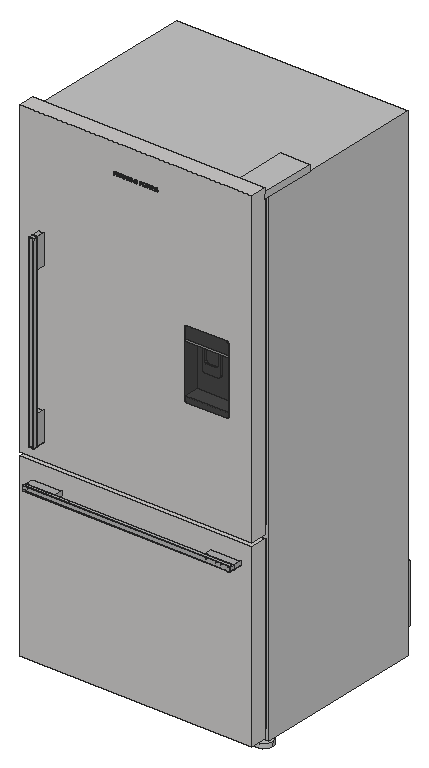
Revit family "FP-Revit18-RF522WDRUX5-Fridges", category Specialty Equipment, Revit 2018 (continued)
Definition of nested family "F&P Handle Kit - Contemporary Round - Vertical"
  Dimensions and locks
    aligned and locked: plane 4 "Top" to Extrusion 2
    aligned and locked: Extrusion 3 to plane 5 "Bottom"
    aligned and locked: plane 7 "Bottom Standoff" to Extrusion 3
    aligned and locked: Extrusion 1 to plane 7 "Bottom Standoff"
    aligned and locked: plane 6 "Top Standoff" to Extrusion 1
    aligned and locked: Extrusion 2 to Extrusion 1
    aligned and locked: Extrusion 6 to Extrusion 1
    aligned and locked: plane 4 "Top" to Extrusion 6
    aligned and locked: Extrusion 7 to Extrusion 1
    aligned and locked: Extrusion 7 to plane 5 "Bottom"
  Automatic sketch dimensions
    Extrusion 1 sketch curve to plane 3 "Center (Left/Right)" = 0 mm
    plane 1 "Center (Front/Back)" to Extrusion 1 sketch curve = 32.3 mm
    plane 1 "Center (Front/Back)" to Extrusion 2 sketch curve = 0 mm
    Extrusion 2 sketch curve to plane 3 "Center (Left/Right)" = 0 mm
    Extrusion 2 sketch curve to plane 3 "Center (Left/Right)" = 8.7 mm
    plane 1 "Center (Front/Back)" to Extrusion 2 sketch curve = 32.3 mm
    plane 1 "Center (Front/Back)" to Extrusion 3 sketch curve = 0 mm
    Extrusion 3 sketch curve to plane 3 "Center (Left/Right)" = 0 mm
    Extrusion 3 sketch curve to plane 3 "Center (Left/Right)" = 8.7 mm
    plane 1 "Center (Front/Back)" to Extrusion 3 sketch curve = 32.3 mm
    Sweep 4 sketch curve to profile plane = 0 mm  (x2)
    Sweep 4 sketch curve to profile plane = 1 mm  (x2)
    Sweep 5 sketch curve to profile plane = 0 mm  (x2)
    Sweep 5 sketch curve to profile plane = 1 mm  (x2)
    Extrusion 6 sketch curve to plane 3 "Center (Left/Right)" = 0 mm
    Extrusion 6 sketch curve to plane 3 "Center (Left/Right)" = 8.7 mm
    plane 1 "Center (Front/Back)" to Extrusion 6 sketch curve = 32.3 mm
    Extrusion 6 sketch curve to Extrusion 6 sketch curve = 32.3 mm
    Extrusion 7 sketch curve to plane 3 "Center (Left/Right)" = 0 mm
    Extrusion 7 sketch curve to plane 3 "Center (Left/Right)" = 8.7 mm
    plane 1 "Center (Front/Back)" to Extrusion 7 sketch curve = 32.3 mm
    Extrusion 7 sketch curve to Extrusion 7 sketch curve = 32.3 mm
    radius of Extrusion 1 sketch curve = 8.7 mm
Definition of nested family "F&P Handle Kit - Contemporary Round - Horizontal"
  Parameters (values of type "25379 AHS-RF-522W - Contemporary round handle (2 of 2) (Horizontal) 710mm")
    URL = "www.fisherpaykel.com"
    Model = ""
    Material - Handle = none
    Manufacturer = "Fisher & Paykel Appliances"
    Keynote = "US Market"
    Handle Standoff - Length = 100 mm
    Handle - Length = 710 mm
    Description = ""
  Types (13, lengths in mm): name | Keynote | Handle Standoff - Length | Handle - Length
    (no name) | "US Market" | 100 | 710
    AHSRD2484W - Contemporary round handle (2 of 2) (Horizontal) 494mm | "" | 120 | 494
    AHSRD3084W - Contemporary round handle (2 of 2) (Horizontal) 646mm | "" | 120 | 646
    AHSRS3272A - Contemporary round handle (2 of 2) (Horizontal) 646mm | "" | 120 | 646
    AHSRS80A - Contemporary round handle (2 of 2) (Horizontal) 646mm | "" | 120 | 646
    AHSRD6121W - Contemporary round handle (2 of 2) (Horizontal) 494mm | "" | 120 | 494
    AHSRD7621W - Contemporary round handle (2 of 2) (Horizontal) 646mm | "" | 120 | 646
    25374 AHS-ASBI-A - Contemporary round handle (2 of 2) (Horizontal) 746mm | "" | 120 | 746
    25329 AHS-ASBI-A - Contemporary round handle (2 of 2) (Horizontal) 746mm | "" | 120 | 746
    25380 AHS-ASBI-B - Contemporary round handle (2 of 2) (Horizontal) 746mm | "" | 120 | 746
    25339 AHS-ASBI-B - Contemporary round handle (2 of 2) (Horizontal) 746mm | "" | 120 | 746
    25376 AHS-RF-522A - Contemporary round handle (2 of 2) (Horizontal) 710mm | "US Market" | 100 | 710
    25379 AHS-RF-522W - Contemporary round handle (2 of 2) (Horizontal) 710mm | "US Market" | 100 | 710
  Reference planes
    plane 1 "Center (Front/Back)": y = 0
    plane 2: z = 0
    plane 3 "Center (Left/Right)": x = 0
    plane 4 "Product LHS": x = -355
    plane 5 "Product RHS": x = 355
    plane 6 "LHS Standoff": x = -255
    plane 7 "RHS Standoff": x = 255
  Forms (mm)
    Extrusion 1, solid, material <- "Material - Handle"
      sketch origin (0, 0, 0) x (0, 1, 0) y (0, 0, 1)
        loop
          circle (-32.3, 0) r 8.7
      from -255 to 255
    Extrusion 2, solid, material <- "Material - Handle", detail levels fine
      sketch origin (0, 0, 0) x (0, 1, 0) y (0, 0, 1)
        loop
          line (0, 8.7) -> (-32.3, 8.7)
          arc (-32.3, 8.7) -> (-41, 0) -> (-32.3, -8.7) r 8.7
          line (-32.3, -8.7) -> (0, -8.7) -> (0, 8.7)
      from 255 to 355
    Extrusion 3, solid, material <- "Material - Handle", detail levels fine
      sketch origin (0, 0, 0) x (0, 1, 0) y (0, 0, -1)
        loop
          line (0, -8.7) -> (0, 8.7) -> (-32.3, 8.7)
          arc (-32.3, 8.7) -> (-41, 0) -> (-32.3, -8.7) r 8.7
          line (-32.3, -8.7) -> (0, -8.7)
      from 255 to 355
    Sweep 4, void
      path in 3D
        loop
          line (355, 0, 8.7) -> (355, -32.3, 8.7)
          arc (355, -32.3, 8.7) -> (355, -41, 0) -> (355, -32.3, -8.7) r 8.7
          line (355, -32.3, -8.7) -> (355, 0, -8.7)
      profile origin (355, -16.15, 8.7) x (1, 0, 0) y (0, 0, 1)
        loop
          line (0, 0) -> (-1, 0) -> (0, -1) -> (0, 0)
    Sweep 5, void
      path in 3D
        loop
          line (-355, 0, -8.7) -> (-355, -32.3, -8.7)
          arc (-355, -32.3, -8.7) -> (-355, -41, 0) -> (-355, -32.3, 8.7) r 8.7
          line (-355, -32.3, 8.7) -> (-355, 0, 8.7)
      profile origin (-355, -16.15, 8.7) x (-1, 0, 0) y (0, 0, 1)
        loop
          line (0, 0) -> (-1, 0) -> (0, -1) -> (0, 0)
    Extrusion 6, solid, material <- "Material - Handle", detail levels coarse+medium
      sketch origin (0, 0, 0) x (0, 1, 0) y (0, 0, 1)
        loop
          line (0, 8.7) -> (-32.3, 8.7)
          arc (-32.3, 8.7) -> (-41, 0) -> (-32.3, -8.7) r 8.7
          line (-32.3, -8.7) -> (0, -8.7) -> (0, 8.7)
      from 255 to 355
    Extrusion 7, solid, material <- "Material - Handle", detail levels coarse+medium
      sketch origin (0, 0, 0) x (0, 1, 0) y (0, 0, -1)
        loop
          line (0, -8.7) -> (0, 8.7) -> (-32.3, 8.7)
          arc (-32.3, 8.7) -> (-41, 0) -> (-32.3, -8.7) r 8.7
          line (-32.3, -8.7) -> (0, -8.7)
      from 255 to 355
  Cuts and joins
    Sweep 4 cuts Extrusion 2
    Sweep 5 cuts Extrusion 3
  Lines and regions (mm)
    sketch lines
      curve 1: line (355, 0, 8.7) -> (355, -32.3, 8.7)
      curve 2: arc (355, -32.3, -8.7) -> (355, -41, 0) -> (355, -32.3, 8.7) r 8.7
      curve 3: line (355, -32.3, -8.7) -> (355, 0, -8.7)
      curve 4: line (-355, -32.3, 8.7) -> (-355, 0, 8.7)
      curve 5: arc (-355, -32.3, 8.7) -> (-355, -41, 0) -> (-355, -32.3, -8.7) r 8.7
      curve 6: line (-355, 0, -8.7) -> (-355, -32.3, -8.7)
  Dimensions and locks
    equal spacing: plane 4 "Product LHS", plane 3 "Center (Left/Right)", plane 5 "Product RHS"
    "Handle - Length": plane 4 "Product LHS" to plane 5 "Product RHS"
    "Handle Standoff - Length": plane 4 "Product LHS" to plane 6 "LHS Standoff"
    "Handle Standoff - Length": plane 7 "RHS Standoff" to plane 5 "Product RHS"
    equal spacing: Extrusion 2 sketch curve, level, Extrusion 2 sketch curve
    Extrusion 3 sketch curve to Extrusion 3 sketch curve = 17.4 mm
    Extrusion 6 sketch curve to Extrusion 6 sketch curve = 17.4 mm
    Extrusion 7 sketch curve to Extrusion 7 sketch curve = 17.4 mm
    aligned and locked: level to plane 2
    aligned and locked: plane 7 "RHS Standoff" to Extrusion 1
    aligned and locked: Extrusion 2 to Extrusion 1
    aligned and locked: Extrusion 2 to plane 5 "Product RHS"
    aligned and locked: plane 4 "Product LHS" to Extrusion 3
    aligned and locked: plane 6 "LHS Standoff" to Extrusion 3
    aligned and locked: Extrusion 1 to plane 6 "LHS Standoff"
    aligned and locked: Extrusion 6 to Extrusion 1
    aligned and locked: Extrusion 6 to plane 5 "Product RHS"
    aligned and locked: plane 4 "Product LHS" to Extrusion 7
    aligned and locked: Extrusion 7 to Extrusion 1
  Automatic sketch dimensions
    Extrusion 1 sketch curve to level = 0 mm
    plane 1 "Center (Front/Back)" to Extrusion 1 sketch curve = 32.3 mm
    Extrusion 2 sketch curve to plane 1 "Center (Front/Back)" = 0 mm
    Extrusion 2 sketch curve to level = 8.7 mm
    plane 1 "Center (Front/Back)" to Extrusion 2 sketch curve = 32.3 mm
    Extrusion 3 sketch curve to level = 0 mm
    Extrusion 3 sketch curve to plane 1 "Center (Front/Back)" = 0 mm
    Extrusion 3 sketch curve to level = 8.7 mm
    plane 1 "Center (Front/Back)" to Extrusion 3 sketch curve = 32.3 mm
    Sweep 4 sketch curve to profile plane = 0 mm
    profile plane to Sweep 4 sketch curve = 0 mm
    profile plane to Sweep 4 sketch curve = 1 mm
    Sweep 4 sketch curve to profile plane = 1 mm
    Sweep 5 sketch curve to profile plane = 0 mm  (x2)
    profile plane to Sweep 5 sketch curve = 1 mm
    Sweep 5 sketch curve to profile plane = 1 mm
    Extrusion 6 sketch curve to level = 0 mm
    level to Extrusion 6 sketch curve = 8.7 mm
    plane 1 "Center (Front/Back)" to Extrusion 6 sketch curve = 32.3 mm
    Extrusion 6 sketch curve to Extrusion 6 sketch curve = 32.3 mm
    Extrusion 7 sketch curve to level = 0 mm
    level to Extrusion 7 sketch curve = 8.7 mm
    plane 1 "Center (Front/Back)" to Extrusion 7 sketch curve = 32.3 mm
    Extrusion 7 sketch curve to Extrusion 7 sketch curve = 32.3 mm
    radius of Extrusion 1 sketch curve = 8.7 mm
